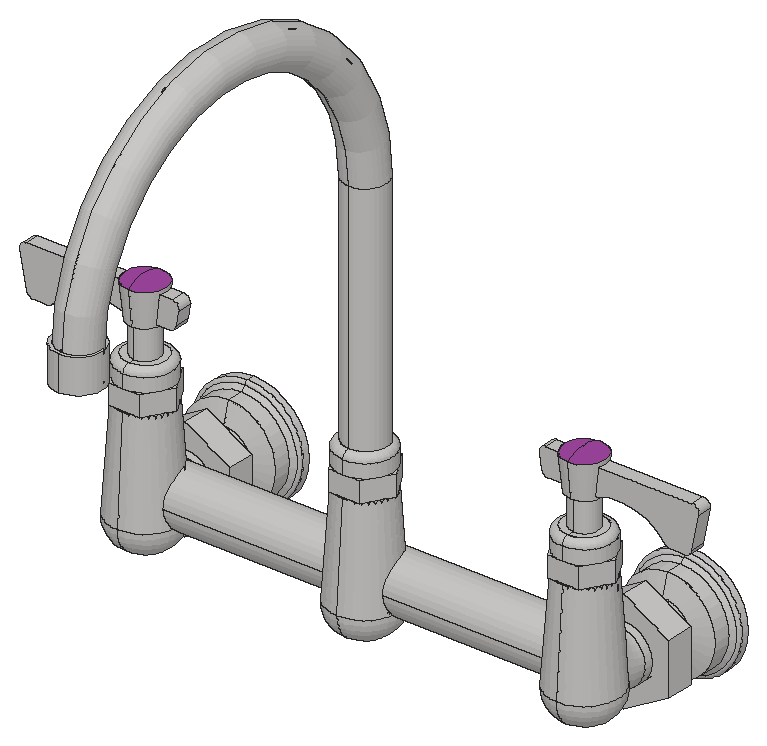
Revit family "Krowne_14-801L_WallMount_Faucet", category Plumbing Fixtures, Revit 2018
Family settings
  Round Connector Dimension = Use Diameter
  Part Type = Normal
  OmniClass Number = 23.40.40.00
  OmniClass Title = Food Service Equipment and Furnishings
  Work Plane-Based = No
  Always vertical = Yes
  Cut with Voids When Loaded = No
  Shared = No
  Room Calculation Point = No
Parameters (values of type "DefaultType")
  Width = 12"
  Weight in Pounds = 5
  Watermarked By = ""
  Waste Water Discharge Temperature [instance] = -459.67 °F
  URL Cutsheet = ""
  URL = "https://krowne.com/"
  Status [instance] = ""
  Specification by User [instance] = ""
  Specification by Manufacturer [instance] = ""
  Serial Number [instance] = ""
  Revision Code [instance] = ""
  Plumbing Remarks [instance] = ""
  Plumbing Connection Type = ""
  NAFEM Spec ID Number [instance] = ""
  Model = "14-801L"
  Masterspec [instance] = ""
  Manufacturer = "Krowne Metal"
  KCLRef = "KCL2C9,,0004c575-0000-0000-0000-000000000307,KR,14-801L ,637099665740000000,9c632dea-ebf6-4f36-8f45-8169fadad268,327c5b86-26ba-4293-ae74-cebaa89d5828"
  KCL SpecSheet URL = "http://kclweb.kclcad.com/imagehandler.ashx?kdoc=14-8xx&R=KR&M=14-801L%20&VC=7&TID=KCLWeb&T=doc"
  Item Number [instance] = "-"
  Installed By [instance] = ""
  Hot Water Temperature = 100 °F
  Hot Water Size = 1/2"
  Hot Water RI Height [instance] = 0"
  Hot Water Minimum Pressure = 0.00 psi
  Hot Water Maximum Pressure = 0.00 psi
  Hot Water Flow = 1.8 GPM
  Hot Water Consumption = 0 GPM
  Hot Water Connection Height = 0"
  Height = 3 15/16"
  Furnished By [instance] = ""
  Foodservice Equipment Identifier = yes
  Description = "Wall Mount Faucet"
  Depth = 1 7/8"
  Cold Water Temperature Recommended = -459.67 °F
  Cold Water Size = 1/2"
  Cold Water RI Height [instance] = 0"
  Cold Water Minimum Pressure = 0.00 psi
  Cold Water Maximum Pressure = 0.00 psi
  Cold Water Flow = 1.8 GPM
  Cold Water Consumption = ""
  Cold Water Connection Height = 0"
  CSI MasterFormat = ""
  Assembly Code = "E1090300"
Reference planes
  plane 1 "BACK": y = 0
  plane 2: z = 0
  plane 3 "LEFT": x = -471.569
  plane 4 "RIGHT": x = -166.769
  plane 5 "TOP": z = 100.013
  plane 6 "CENTER L/R": x = -319.169
  plane 7 "Top of Body": z = 44.45
  plane 8: y = -62.38
  plane 9: z = 303.213
  plane 10: z = 196.85
  plane 11: y = -228.6
Forms (mm)
  Sweep 1, solid, material "QF_Stainless-Polished"
    path origin (-319.169, 0, 0) x (0, 1, 0) y (0, 0, 1)
      loop
        line (-62.38, 44.45) -> (-62.38, 208.756)
        arc (-62.38, 208.756) -> (-145.49, 291.866) -> (-228.6, 208.756) r 83.11
        line (-228.6, 208.756) -> (-228.6, 196.85)
    profile origin (-319.169, -62.38, 126.603) x (0, -1, 0) y (1, 0, 0)
      loop
        circle (0, 0) r 9.525
      loop
        circle (0, 0) r 6.35
  Extrusion 2, solid, material "QF_Stainless-Polished"
    sketch origin (-319.169, -228.6, 196.85) x (0, -1, 0) y (-1, 0, 0)
      loop
        circle (0, 0) r 9.525
      loop
        circle (0, 0) r 11.113
    from 0 to -15.875
Lines and regions (mm)
  symbolic lines
    curve 1: arc (-319.169, -71.905, 0) -> (-328.694, -62.38, 0) -> (-319.169, -52.855, 0) r 9.525
    curve 2: arc (-319.169, -52.855, 0) -> (-309.644, -62.38, 0) -> (-319.169, -71.905, 0) r 9.525
    curve 3: arc (-328.694, -228.6, 0) -> (-325.905, -235.335, 0) -> (-319.169, -238.125, 0) r 9.525
    curve 4: arc (-319.169, -238.125, 0) -> (-312.434, -235.335, 0) -> (-309.644, -228.6, 0) r 9.525
    curve 5: line (-328.694, -228.6, 0) -> (-328.694, -62.38, 0)
    curve 6: line (-309.644, -62.38, 0) -> (-309.644, -228.6, 0)
Dimensions and locks
  "Width": plane 3 "LEFT" to plane 4 "RIGHT"
  "Height": plane 5 "TOP" to plane 2
  plane 7 "Top of Body" to level = 1 3/4"
  equal spacing: plane 3 "LEFT", plane 6 "CENTER L/R", plane 4 "RIGHT"
  plane 11 to plane 1 "BACK" = 9"
  plane 10 to plane 5 "TOP" = 3 13/16"
  plane 9 to plane 5 "TOP" = 8"
  aligned and locked: level to plane 2
  aligned and locked: plane 8 to Sweep 1 sketch curve
  aligned and locked: Sweep 1 sketch curve to plane 11
  aligned and locked: plane 10 to Sweep 1 sketch curve
Automatic sketch dimensions
  Sweep 1 sketch curve to plane 7 "Top of Body" = 0"
  plane 10 to Sweep 1 sketch curve = 15/32"
  Sweep 1 sketch curve to Sweep 1 sketch curve = 0"  (x2)
  Sweep 1 sketch curve to plane 6 "CENTER L/R" = 0"
  Sweep 1 sketch curve to profile plane = 0"
  curve 3 to curve 4 = 0"
  plane 11 to curve 5 = 0"
  plane 8 to curve 5 = 0"
  curve 1 to plane 6 "CENTER L/R" = 0"
  plane 8 to curve 6 = 0"
  plane 8 to curve 1 = 0"
  curve 5 to curve 3 = 3/8"
  radius of Sweep 1 sketch curve = 3/8"
  radius of Sweep 1 sketch curve = 1/4"
  radius of Extrusion 2 sketch curve to Sweep 1 = 0"
  radius of Sweep 1 to Extrusion 2 sketch curve = 1/16"
Nested families
  nested 1: "QF_Krowne_14-8_Body" at (-4.763, 0, 0), type "QF_Krowne_14-8_Body"
Connectors
  piping at (-420.769, 6.35, 37.306), diameter 12.7, driven by "Hot Water Flow", driven by "Hot Water Size"
    settings: on nested 1, index 1, connector inside diameter 24", connector length 0", flow factor 0, pipe flow 1.8 GPM, pressure drop 0.00 psi, fitting loss kfactor 0, connector angle 0.00°, fixture units 0, engagement length 0", angle of deflection 0.00°, flow configuration 1, flow direction 1, fitting loss method 0, system type 19, joint type 0, gender type 0, connector reference index -1, connector utility 0, adjustable connector no, is connector primary yes, connector description "HOT WATER"
  piping at (-217.569, 6.35, 37.306), diameter 12.7, driven by "Cold Water Flow", driven by "Cold Water Size"
    settings: on nested 1, index 2, connector inside diameter 24", connector length 0", flow factor 0, pipe flow 1.8 GPM, pressure drop 0.00 psi, fitting loss kfactor 0, connector angle 0.00°, fixture units 0, engagement length 0", angle of deflection 0.00°, flow configuration 1, flow direction 1, fitting loss method 0, system type 20, joint type 0, gender type 0, connector reference index -1, connector utility 0, adjustable connector no, is connector primary no, connector description "COLD WATER"
Definition of nested family "QF_Krowne_14-8_Body"
  Parameters (values of type "QF_Krowne_14-8_Body")
    Width = 12 3/8"
    Watermarked By = ""
    Height = 3 7/8"
    Description = ""
    Depth = 4 15/16"
  Reference planes
    plane 1 "BACK": y = 0
    plane 2: z = 0
    plane 3 "LEFT": x = -471.569
    plane 4 "RIGHT": x = -157.244
    plane 5 "TOP": z = 128.588
    plane 6 "Center": x = -314.407
    plane 7 "Left of Handle": x = -416.007
    plane 8 "Right of Handle": x = -212.807
    plane 9 "Center of Handles": y = -125.412
    plane 10 "Top of Body": z = 74.612
    plane 11: x = -444.582
    plane 12: x = -184.232
    plane 13 "Faucet Handle Center": y = -62.706
    plane 14: y = -59.531
    plane 15: y = -65.881
    plane 16: z = 37.306
  Forms (mm)
    Extrusion 1, solid
      sketch origin (0, 0, 80.962) x (0, 1, 0) y (-1, 0, 0)
        loop
          line (-62.38, 401.719) -> (-50.006, 408.863) -> (-50.006, 423.151) -> (-62.38, 430.294) -> (-74.753, 423.151) -> (-74.753, 408.863) -> (-62.38, 401.719)
        loop
          line (-62.38, 198.519) -> (-50.006, 205.663) -> (-50.006, 219.951) -> (-62.38, 227.094) -> (-74.753, 219.951) -> (-74.753, 205.663) -> (-62.38, 198.519)
        loop
          line (-62.38, 300.119) -> (-50.006, 307.263) -> (-50.006, 321.551) -> (-62.38, 328.694) -> (-74.753, 321.551) -> (-74.753, 307.263) -> (-62.38, 300.119)
      from 0 to 9.525
    Revolve 2, solid
      sketch origin (-416.007, 0, 0) x (0, 1, 0) y (0, 0, 1)
        loop
          line (-62.706, 90.488) -> (-50.006, 90.488) -> (-50.006, 96.838)
          arc (-50.006, 96.838) -> (-50.936, 99.083) -> (-53.181, 100.013) r 3.175
          line (-53.181, 100.013) -> (-62.706, 100.013) -> (-62.706, 90.488)
        axis (-62.706, 90.488) -> (-62.706, 100.013)
      angle from 0 to 360
    Revolve 3, solid
      sketch origin (-212.807, 0, 0) x (0, 1, 0) y (0, 0, 1)
        loop
          line (-62.706, 100.012) -> (-56.356, 100.012) -> (-56.356, 114.3) -> (-62.706, 114.3) -> (-62.706, 100.012)
        axis (-62.706, 100.012) -> (-62.706, 114.3)
      angle from 0 to 360
    Revolve 4, solid
      sketch origin (-416.007, 0, 0) x (0, 1, 0) y (0, 0, 1)
        loop
          line (-62.706, 100.013) -> (-56.356, 100.013) -> (-56.356, 114.3) -> (-62.706, 114.3) -> (-62.706, 100.013)
        axis (-62.706, 100.013) -> (-62.706, 114.3)
      angle from 0 to 360
    Revolve 5, solid
      sketch origin (-416.007, 0, 0) x (0, 1, 0) y (0, 0, 1)
        loop
          line (-62.706, 114.3) -> (-54.769, 114.3) -> (-53.181, 130.175) -> (-62.706, 130.175) -> (-62.706, 114.3)
        axis (-62.706, 114.3) -> (-62.706, 130.175)
      angle from 0 to 360
    Revolve 6, solid
      sketch origin (-212.807, 0, 0) x (0, 1, 0) y (0, 0, 1)
        loop
          line (-62.706, 114.3) -> (-54.769, 114.3) -> (-53.181, 130.175) -> (-62.706, 130.175) -> (-62.706, 114.3)
        axis (-62.706, 114.3) -> (-62.706, 130.175)
      angle from 0 to 360
    Revolve 7, solid
      sketch origin (-416.007, 0, 0) x (0, 1, 0) y (0, 0, 1)
        loop
          line (-62.706, 130.175) -> (-53.181, 130.175)
          arc (-53.181, 130.175) -> (-57.646, 132.655) -> (-62.706, 133.35) r 13.869
          line (-62.706, 133.35) -> (-62.706, 130.175)
        axis (-62.706, 130.175) -> (-62.706, 133.35)
      angle from 0 to 360
    Revolve 8, solid
      sketch origin (-212.807, 0, 0) x (0, 1, 0) y (0, 0, 1)
        loop
          line (-62.706, 130.175) -> (-53.181, 130.175)
          arc (-53.181, 130.175) -> (-57.646, 132.655) -> (-62.706, 133.35) r 13.869
          line (-62.706, 133.35) -> (-62.706, 130.175)
        axis (-62.706, 130.175) -> (-62.706, 133.35)
      angle from 0 to 360
    Extrusion 9, solid
      sketch origin (0, -62.706, 0) x (1, 0, 0) y (0, 0, 1)
        loop
          arc (-468.332, 128.588) -> (-470.787, 127.425) -> (-471.445, 124.79) r 3.175
          line (-471.445, 124.79) -> (-468.27, 108.916)
          arc (-468.27, 108.916) -> (-467.17, 107.083) -> (-465.157, 106.364) r 3.175
          line (-465.157, 106.364) -> (-458.81, 106.364)
          arc (-458.81, 106.364) -> (-457.469, 106.66) -> (-456.379, 107.496) r 3.175
          arc (-456.379, 107.496) -> (-441.832, 116.771) -> (-424.594, 116.065) r 28.792
          arc (-424.594, 116.065) -> (-424.065, 115.925) -> (-423.52, 115.878) r 3.175
          line (-423.52, 115.878) -> (-402.102, 115.878)
          arc (-402.102, 115.878) -> (-400.089, 116.597) -> (-398.988, 118.43) r 3.175
          line (-398.988, 118.43) -> (-397.716, 124.79)
          arc (-397.716, 124.79) -> (-398.374, 127.425) -> (-400.83, 128.588) r 3.175
          line (-400.83, 128.588) -> (-468.332, 128.588)
        loop
          line (-160.482, 128.588) -> (-227.984, 128.588)
          arc (-227.984, 128.588) -> (-230.439, 127.425) -> (-231.097, 124.79) r 3.175
          line (-231.097, 124.79) -> (-229.826, 118.43)
          arc (-229.826, 118.43) -> (-228.725, 116.597) -> (-226.712, 115.878) r 3.175
          line (-226.712, 115.878) -> (-205.294, 115.878)
          arc (-205.294, 115.878) -> (-204.749, 115.925) -> (-204.22, 116.065) r 3.175
          arc (-204.22, 116.065) -> (-186.982, 116.771) -> (-172.435, 107.496) r 28.792
          arc (-172.435, 107.496) -> (-171.345, 106.66) -> (-170.004, 106.364) r 3.175
          line (-170.004, 106.364) -> (-163.657, 106.364)
          arc (-163.657, 106.364) -> (-161.644, 107.083) -> (-160.544, 108.916) r 3.175
          line (-160.544, 108.916) -> (-157.369, 124.79)
          arc (-157.369, 124.79) -> (-158.027, 127.425) -> (-160.482, 128.588) r 3.175
      from -3.175 to 3.175
    Extrusion 10, solid
      sketch origin (0, 0, 0) x (1, 0, 0) y (0, 0, 1)
        loop
          circle (-416.007, 37.306) r 6.35
        loop
          circle (-212.807, 37.306) r 6.35
      from 0 to -6.35
    Revolve 11, solid
      sketch origin (-212.807, 0, 0) x (0, 1, 0) y (0, 0, 1)
        loop
          line (-62.706, 90.488) -> (-50.006, 90.488) -> (-50.006, 96.838)
          arc (-50.006, 96.838) -> (-50.936, 99.083) -> (-53.181, 100.013) r 3.175
          line (-53.181, 100.013) -> (-62.706, 100.013) -> (-62.706, 90.488)
        axis (-62.706, 90.488) -> (-62.706, 100.013)
      angle from 0 to 360
    Revolve 12, solid
      sketch origin (-416.007, 0, 0) x (0, 1, 0) y (0, 0, 1)
        loop
          line (0, 37.306) -> (0, 62.706) -> (-3.175, 62.706)
          arc (-3.175, 62.706) -> (-4.298, 62.241) -> (-4.762, 61.119) r 1.588
          line (-4.762, 61.119) -> (-6.75, 59.131) -> (-14.287, 59.131) -> (-17.462, 50.006) -> (-26.987, 50.006) -> (-26.988, 37.306) -> (0, 37.306)
        axis (0, 37.306) -> (-26.988, 37.306)
      angle from 0 to 360
    Revolve 13, solid
      sketch origin (-212.807, 0, 0) x (0, 1, 0) y (0, 0, 1)
        loop
          line (0, 37.306) -> (0, 62.706) -> (-3.175, 62.706)
          arc (-3.175, 62.706) -> (-4.298, 62.241) -> (-4.762, 61.119) r 1.588
          line (-4.762, 61.119) -> (-6.75, 59.131) -> (-14.287, 59.131) -> (-17.462, 50.006) -> (-26.987, 50.006) -> (-26.988, 37.306) -> (0, 37.306)
        axis (0, 37.306) -> (-26.988, 37.306)
      angle from 0 to 360
    Extrusion 14, solid
      sketch origin (-416.007, -26.988, 37.306) x (0, 0, 1) y (-1, 0, 0)
        loop
          line (11.915, -20.638) -> (23.83, 0) -> (11.915, 20.637) -> (-11.915, 20.637) -> (-23.83, 0) -> (-11.915, -20.637) -> (11.915, -20.638)
        loop
          line (11.915, -223.837) -> (23.83, -203.2) -> (11.915, -182.562) -> (-11.915, -182.562) -> (-23.83, -203.2) -> (-11.915, -223.837) -> (11.915, -223.837)
      from 0 to 12.7
    Sweep 15, solid
      path origin (-416.007, 0, 0) x (0, 1, 0) y (0, 0, 1)
        loop
          line (-26.988, 37.306) -> (-43.656, 37.306)
          arc (-43.656, 37.306) -> (-57.127, 42.886) -> (-62.706, 56.356) r 19.05
          line (-62.706, 56.356) -> (-62.706, 80.962)
      profile origin (-416.007, -35.322, 37.306) x (0, 0, -1) y (1, 0, 0)
        loop
          circle (0, 0) r 12.7
    Sweep 16, solid
      path origin (-212.807, 0, 0) x (0, 1, 0) y (0, 0, 1)
        loop
          line (-26.988, 37.306) -> (-43.656, 37.306)
          arc (-43.656, 37.306) -> (-57.127, 42.886) -> (-62.706, 56.356) r 19.05
          line (-62.706, 56.356) -> (-62.706, 80.962)
      profile origin (-212.807, -35.322, 37.306) x (0, 0, -1) y (1, 0, 0)
        loop
          circle (0, 0) r 12.7
    Extrusion 17, solid
      sketch origin (-416.007, 0, 0) x (0, 1, 0) y (0, 0, 1)
        loop
          circle (-57.127, 42.886) r 12.7
      from 0 to 203.2
    Sweep 18, solid
      path origin (-314.407, 0, 0) x (0, 1, 0) y (0, 0, 1)
        loop
          arc (-56.044, 41.884) -> (-60.961, 48.39) -> (-62.706, 56.356) r 19.05
          line (-62.706, 56.356) -> (-62.706, 80.962)
      profile origin (-314.407, -62.706, 68.659) x (0, -1, 0) y (1, 0, 0)
        loop
          circle (0, 0) r 12.7
    Revolve 19, solid
      sketch origin (-314.407, 0, 0) x (0, 1, 0) y (0, 0, 1)
        loop
          line (-62.706, 90.488) -> (-50.006, 90.488) -> (-50.006, 96.838)
          arc (-50.006, 96.838) -> (-50.936, 99.083) -> (-53.181, 100.013) r 3.175
          line (-53.181, 100.013) -> (-62.706, 100.013) -> (-62.706, 90.488)
        axis (-62.706, 90.488) -> (-62.706, 100.013)
      angle from 0 to 360
    Revolve 20, solid
      sketch origin (-416.007, 0, 0) x (0, 1, 0) y (0, 0, 1)
        loop
          line (-50.006, 80.962) -> (-62.706, 80.962) -> (-62.706, 20.044) -> (-59.365, 20.044)
          arc (-59.365, 20.044) -> (-50.077, 24.083) -> (-46.696, 33.63) r 12.7
          line (-46.696, 33.63) -> (-50.006, 80.962)
        axis (-62.706, 20.044) -> (-62.706, 80.962)
      angle from 0 to 360
    Revolve 21, solid
      sketch origin (-212.807, 0, 0) x (0, 1, 0) y (0, 0, 1)
        loop
          line (-50.006, 80.962) -> (-62.706, 80.962) -> (-62.706, 20.044) -> (-59.365, 20.044)
          arc (-59.365, 20.044) -> (-50.077, 24.083) -> (-46.696, 33.63) r 12.7
          line (-46.696, 33.63) -> (-50.006, 80.962)
        axis (-62.706, 20.044) -> (-62.706, 80.962)
      angle from 0 to 360
    Revolve 22, solid
      sketch origin (-314.407, 0, 0) x (0, 1, 0) y (0, 0, 1)
        loop
          line (-50.006, 80.962) -> (-62.706, 80.962) -> (-62.706, 20.044) -> (-59.365, 20.044)
          arc (-59.365, 20.044) -> (-50.077, 24.083) -> (-46.696, 33.63) r 12.7
          line (-46.696, 33.63) -> (-50.006, 80.962)
        axis (-62.706, 20.044) -> (-62.706, 80.962)
      angle from 0 to 360
  Lines and regions (mm)
    symbolic lines
      curve 1: line (-471.445, -59.531, 74.612) -> (-397.655, -59.531, 74.612)
      curve 2: line (-471.445, -65.881, 74.612) -> (-471.445, -59.531, 74.612)
      curve 3: line (-397.655, -65.881, 74.612) -> (-471.445, -65.881, 74.612)
      curve 4: line (-397.655, -59.531, 74.612) -> (-397.655, -65.881, 74.612)
      curve 5: line (-157.244, -59.531, 74.612) -> (-231.159, -59.531, 74.612)
      curve 6: line (-157.244, -65.881, 74.612) -> (-157.244, -59.531, 74.612)
      curve 7: line (-231.159, -65.881, 74.612) -> (-157.244, -65.881, 74.612)
      curve 8: line (-231.159, -59.531, 74.612) -> (-231.159, -65.881, 74.612)
      curve 9: line (-423.151, -50.333, 74.612) -> (-428.461, -59.531, 74.612)
      curve 10: line (-423.151, -50.333, 74.612) -> (-408.863, -50.333, 74.612)
      curve 11: line (-408.863, -50.333, 74.612) -> (-403.553, -59.531, 74.612)
      curve 12: line (-408.863, -75.08, 74.612) -> (-423.151, -75.08, 74.612)
      curve 13: line (-423.151, -75.08, 74.612) -> (-428.461, -65.881, 74.612)
      curve 14: line (-408.863, -75.08, 74.612) -> (-403.553, -65.881, 74.612)
      curve 15: line (-219.951, -50.333, 74.612) -> (-205.663, -50.333, 74.612)
      curve 16: line (-205.663, -50.333, 74.612) -> (-200.353, -59.531, 74.612)
      curve 17: line (-219.951, -50.333, 74.612) -> (-225.261, -59.531, 74.612)
      curve 18: line (-205.663, -75.08, 74.612) -> (-219.951, -75.08, 74.612)
      curve 19: line (-219.951, -75.08, 74.612) -> (-225.261, -65.881, 74.612)
      curve 20: line (-205.663, -75.08, 74.612) -> (-200.353, -65.881, 74.612)
      curve 21: line (-328.694, -62.38, 74.612) -> (-321.551, -74.753, 74.612)
      curve 22: line (-321.551, -74.753, 74.612) -> (-307.263, -74.753, 74.612)
      curve 23: line (-307.263, -74.753, 74.612) -> (-300.119, -62.38, 74.612)
      curve 24: line (-300.119, -62.38, 74.612) -> (-307.263, -50.006, 74.612)
      curve 25: line (-307.263, -50.006, 74.612) -> (-321.551, -50.006, 74.612)
      curve 26: line (-321.551, -50.006, 74.612) -> (-328.694, -62.38, 74.612)
      curve 27: line (-441.407, 0, 74.612) -> (-390.607, 0, 74.612)
      curve 28: line (-441.407, 0, 74.612) -> (-441.407, -3.175, 74.612)
      curve 29: line (-437.831, -6.75, 74.612) -> (-439.819, -4.763, 74.612)
      curve 30: arc (-439.819, -4.763, 74.612) -> (-440.942, -4.298, 74.612) -> (-441.407, -3.175, 74.612) r 1.588
      curve 31: line (-437.831, -6.75, 74.612) -> (-437.831, -14.288, 74.612)
      curve 32: line (-437.831, -14.288, 74.612) -> (-428.707, -17.463, 74.612)
      curve 33: line (-428.707, -17.463, 74.612) -> (-428.707, -26.987, 74.612)
      curve 34: line (-428.707, -26.987, 74.612) -> (-436.644, -26.987, 74.612)
      curve 35: line (-436.644, -26.987, 74.612) -> (-436.644, -39.688, 74.612)
      curve 36: line (-436.644, -39.688, 74.612) -> (-428.719, -39.687, 74.612)
      curve 37: line (-428.719, -39.687, 74.612) -> (-428.719, -59.531, 74.612)
      curve 38: line (-390.607, 0, 74.612) -> (-390.607, -3.175, 74.612)
      curve 39: line (-394.182, -6.75, 74.612) -> (-392.194, -4.763, 74.612)
      curve 40: arc (-392.194, -4.763, 74.612) -> (-391.072, -4.298, 74.612) -> (-390.607, -3.175, 74.612) r 1.588
      curve 41: line (-394.182, -6.75, 74.612) -> (-394.182, -14.288, 74.612)
      curve 42: line (-394.182, -14.288, 74.612) -> (-403.307, -17.463, 74.612)
      curve 43: line (-403.307, -17.463, 74.612) -> (-403.307, -26.987, 74.612)
      curve 44: line (-403.307, -26.987, 74.612) -> (-395.369, -26.987, 74.612)
      curve 45: line (-395.369, -26.987, 74.612) -> (-395.369, -39.688, 74.612)
      curve 46: line (-395.369, -39.688, 74.612) -> (-403.295, -39.687, 74.612)
      curve 47: line (-403.295, -39.687, 74.612) -> (-403.295, -59.531, 74.612)
      curve 48: line (-205.663, -50.333, 74.612) -> (-219.951, -50.333, 74.612)
      curve 49: line (-187.407, 0, 74.612) -> (-238.207, 0, 74.612)
      curve 50: line (-187.407, 0, 74.612) -> (-187.407, -3.175, 74.612)
      curve 51: line (-190.982, -6.75, 74.612) -> (-188.994, -4.763, 74.612)
      curve 52: arc (-188.994, -4.763, 74.612) -> (-187.872, -4.298, 74.612) -> (-187.407, -3.175, 74.612) r 1.588
      curve 53: line (-190.982, -6.75, 74.612) -> (-190.982, -14.288, 74.612)
      curve 54: line (-190.982, -14.288, 74.612) -> (-200.107, -17.463, 74.612)
      curve 55: line (-200.107, -17.463, 74.612) -> (-200.107, -26.987, 74.612)
      curve 56: line (-200.107, -26.987, 74.612) -> (-192.169, -26.987, 74.612)
      curve 57: line (-192.169, -26.987, 74.612) -> (-192.169, -39.688, 74.612)
      curve 58: line (-192.169, -39.688, 74.612) -> (-200.095, -39.687, 74.612)
      curve 59: line (-200.095, -39.687, 74.612) -> (-200.095, -59.531, 74.612)
      curve 60: line (-238.207, 0, 74.612) -> (-238.207, -3.175, 74.612)
      curve 61: line (-234.631, -6.75, 74.612) -> (-236.619, -4.763, 74.612)
      curve 62: arc (-236.619, -4.763, 74.612) -> (-237.742, -4.298, 74.612) -> (-238.207, -3.175, 74.612) r 1.588
      curve 63: line (-234.631, -6.75, 74.612) -> (-234.631, -14.288, 74.612)
      curve 64: line (-234.631, -14.288, 74.612) -> (-225.507, -17.463, 74.612)
      curve 65: line (-225.507, -17.463, 74.612) -> (-225.507, -26.987, 74.612)
      curve 66: line (-225.507, -26.987, 74.612) -> (-233.444, -26.987, 74.612)
      curve 67: line (-233.444, -26.987, 74.612) -> (-233.444, -39.688, 74.612)
      curve 68: line (-233.444, -39.688, 74.612) -> (-225.519, -39.687, 74.612)
      curve 69: line (-225.519, -39.687, 74.612) -> (-225.519, -59.531, 74.612)
      curve 70: line (-403.295, -44.504, 74.612) -> (-225.519, -44.504, 74.612)
      curve 71: line (-405.528, -69.303, 74.612) -> (-324.697, -69.303, 74.612)
      curve 72: line (-303.555, -69.303, 74.612) -> (-223.286, -69.303, 74.612)
  Dimensions and locks
    "Width": plane 3 "LEFT" to plane 4 "RIGHT"
    equal spacing: plane 3 "LEFT", plane 6 "Center", plane 4 "RIGHT"
    "Depth": plane 9 "Center of Handles" to plane 1 "BACK"
    plane 10 "Top of Body" to level = 2 15/16"
    equal spacing: plane 10 "Top of Body", plane 16, level
    locked: plane 3 "LEFT" to plane 11 at 26.988
    locked: plane 12 to plane 4 "RIGHT" at 26.988
    locked: plane 8 "Right of Handle" to plane 12 at 28.575
    locked: plane 11 to plane 7 "Left of Handle" at 28.575
    locked: plane 5 "TOP" to plane 10 "Top of Body" at 53.975
    equal spacing: plane 15, plane 13 "Faucet Handle Center", plane 14, locked at 3.175 each
    plane 15 to plane 14 = 1/4"
    equal spacing: plane 9 "Center of Handles", plane 13 "Faucet Handle Center", plane 1 "BACK"
    aligned and locked: level to plane 2
    aligned and locked: Revolve 5 sketch curve to Revolve 5 sketch curve
    aligned and locked: Revolve 6 sketch curve to Revolve 6 sketch curve
    aligned and locked: Extrusion 9 sketch curve to plane 5 "TOP"
    aligned and locked: plane 5 "TOP" to Extrusion 9 sketch curve
    aligned and locked: Extrusion 9 to plane 14
    aligned and locked: curve 1 to Extrusion 9
    aligned and locked: curve 2 to Extrusion 9
    aligned and locked: curve 3 to Extrusion 9
    aligned and locked: curve 5 to Extrusion 9
    aligned and locked: Extrusion 9 to curve 7
    aligned and locked: plane 4 "RIGHT" to curve 6
    aligned and locked: Revolve 11 sketch curve to plane 13 "Faucet Handle Center"
    aligned and locked: plane 8 "Right of Handle" to Extrusion 17
    aligned and locked: plane 13 "Faucet Handle Center" to Revolve 20 sketch curve
  Automatic sketch dimensions
    Revolve 2 sketch curve to plane 13 "Faucet Handle Center" = 0"  (x2)
    Revolve 2 sketch curve to Revolve 2 sketch curve = 3/8"
    Revolve 2 sketch curve to Revolve 2 sketch curve = 1/8"
    plane 10 "Top of Body" to Revolve 2 sketch curve = 5/8"
    Revolve 2 sketch curve to Revolve 2 sketch curve = 1/4"
    Revolve 2 sketch curve to Revolve 2 sketch curve = 0"  (x2)
    Revolve 3 sketch curve to plane 13 "Faucet Handle Center" = 0"  (x2)
    Revolve 3 sketch curve to plane 13 "Faucet Handle Center" = 1/4"
    plane 10 "Top of Body" to Revolve 3 sketch curve = 1"
    Revolve 3 sketch curve to Revolve 3 sketch curve = 9/16"
    Revolve 3 sketch curve to Revolve 3 sketch curve = 3/8"
    Revolve 3 sketch curve to Revolve 3 sketch curve = 0"
    Revolve 4 sketch curve to plane 13 "Faucet Handle Center" = 0"  (x2)
    Revolve 4 sketch curve to Revolve 4 sketch curve = 1/4"
    plane 10 "Top of Body" to Revolve 4 sketch curve = 1"
    Revolve 4 sketch curve to Revolve 4 sketch curve = 9/16"
    Revolve 4 sketch curve to Revolve 4 sketch curve = 3/8"
    Revolve 4 sketch curve to Revolve 4 sketch curve = 0"
    Revolve 5 sketch curve to plane 13 "Faucet Handle Center" = 0"
    Revolve 5 sketch curve to Revolve 5 sketch curve = 5/16"
    plane 5 "TOP" to Revolve 5 sketch curve = 1/16"
    Revolve 5 sketch curve to Revolve 5 sketch curve = 3/8"
    Revolve 5 sketch curve to plane 5 "TOP" = 9/16"
    Revolve 5 sketch curve to Revolve 5 sketch curve = 0"  (x2)
    Revolve 6 sketch curve to plane 13 "Faucet Handle Center" = 0"
    Revolve 6 sketch curve to plane 13 "Faucet Handle Center" = 5/16"
    plane 5 "TOP" to Revolve 6 sketch curve = 1/16"
    Revolve 6 sketch curve to plane 13 "Faucet Handle Center" = 3/8"
    Revolve 6 sketch curve to plane 5 "TOP" = 9/16"
    Revolve 6 sketch curve to Revolve 6 sketch curve = 0"  (x2)
    Revolve 7 sketch curve to plane 13 "Faucet Handle Center" = 0"  (x2)
    Revolve 7 sketch curve to plane 13 "Faucet Handle Center" = 0.02655"
    plane 5 "TOP" to Revolve 7 sketch curve = 1/16"
    Revolve 7 sketch curve to Revolve 7 sketch curve = 3/8"
    Revolve 7 sketch curve to plane 5 "TOP" = 0.35786"
    Revolve 7 sketch curve to Revolve 7 sketch curve = 0"  (x2)
    Revolve 8 sketch curve to plane 13 "Faucet Handle Center" = 0"  (x2)
    Revolve 8 sketch curve to plane 13 "Faucet Handle Center" = 0.02655"
    plane 5 "TOP" to Revolve 8 sketch curve = 1/16"
    Revolve 8 sketch curve to Revolve 8 sketch curve = 3/8"
    Revolve 8 sketch curve to plane 5 "TOP" = 0.35786"
    Revolve 8 sketch curve to Revolve 8 sketch curve = 0"  (x2)
    Revolve 12 sketch curve to plane 9 "Center of Handles" = 0"
    Revolve 12 sketch curve to plane 16 = 0"  (x2)
    Revolve 12 sketch curve to plane 1 "BACK" = 0"  (x2)
    plane 16 to Revolve 12 sketch curve = 1/2"
    plane 1 "BACK" to Revolve 12 sketch curve = 1 1/16"
    Revolve 12 sketch curve to Revolve 12 sketch curve = 3/8"
    Revolve 12 sketch curve to Revolve 12 sketch curve = 1/8"
    plane 1 "BACK" to Revolve 12 sketch curve = 0.26577"
    Revolve 12 sketch curve to Revolve 12 sketch curve = 0.07827"  (x2)
    Revolve 12 sketch curve to Revolve 12 sketch curve = 1/16"
    Revolve 12 sketch curve to Revolve 12 sketch curve = 0.35923"
    Revolve 13 sketch curve to plane 9 "Center of Handles" = 0"
    Revolve 13 sketch curve to plane 16 = 0"  (x2)
    Revolve 13 sketch curve to plane 1 "BACK" = 0"  (x2)
    Revolve 13 sketch curve to Revolve 13 sketch curve = 1 1/16"
    Revolve 13 sketch curve to Revolve 13 sketch curve = 3/8"
    Revolve 13 sketch curve to Revolve 13 sketch curve = 1/8"
    plane 1 "BACK" to Revolve 13 sketch curve = 0.26577"
    Revolve 13 sketch curve to Revolve 13 sketch curve = 0.07827"  (x2)
    Revolve 13 sketch curve to Revolve 13 sketch curve = 1/16"
    plane 16 to Revolve 13 sketch curve = 1/2"
    Revolve 13 sketch curve to Revolve 13 sketch curve = 0.35923"
    Revolve 12 to Extrusion 14 sketch curve = 0"
    Extrusion 14 sketch curve to Revolve 12 = 0"
    Revolve 12 to Extrusion 14 sketch curve = 8"  (x2)
    Extrusion 14 sketch curve to Extrusion 14 sketch curve = 0"
    Extrusion 14 sketch curve to Extrusion 14 sketch curve = 0.4691"  (x6)
    Extrusion 14 sketch curve to Extrusion 14 sketch curve = 0.93819"  (x4)
    Revolve 12 to Extrusion 14 sketch curve = 7 3/16"
    Revolve 12 to Extrusion 14 sketch curve = 8 13/16"
    Revolve 12 to Extrusion 14 sketch curve = 13/16"
    Extrusion 14 sketch curve to Revolve 12 = 13/16"
    plane 15 to Extrusion 1 sketch curve = 0.34928"  (x3)
    Extrusion 1 sketch curve to plane 13 "Faucet Handle Center" = 0.01286"  (x6)
    Extrusion 1 sketch curve to plane 14 = 3/8"  (x3)
    plane 8 "Right of Handle" to Extrusion 1 sketch curve = 9/16"
    plane 8 "Right of Handle" to Extrusion 1 sketch curve = 9/32"  (x2)
    Extrusion 1 sketch curve to plane 8 "Right of Handle" = 9/32"  (x2)
    Extrusion 1 sketch curve to plane 8 "Right of Handle" = 9/16"
    plane 6 "Center" to Extrusion 1 sketch curve = 9/16"
    plane 6 "Center" to Extrusion 1 sketch curve = 9/32"  (x2)
    Extrusion 1 sketch curve to plane 6 "Center" = 9/32"  (x2)
    Extrusion 1 sketch curve to Extrusion 1 sketch curve = 9/32"  (x2)
    plane 7 "Left of Handle" to Extrusion 1 sketch curve = 9/16"
    plane 7 "Left of Handle" to Extrusion 1 sketch curve = 9/32"  (x2)
    Extrusion 1 sketch curve to plane 7 "Left of Handle" = 9/32"  (x2)
    plane 3 "LEFT" to Extrusion 9 sketch curve = 0.0049"
    Extrusion 9 sketch curve to Extrusion 9 sketch curve = 0.12257"  (x5)
    plane 3 "LEFT" to Extrusion 9 sketch curve = 0.12989"
    Extrusion 9 sketch curve to Extrusion 9 sketch curve = 0.24989"  (x2)
    plane 11 to Extrusion 9 sketch curve = 0.40333"
    Extrusion 9 sketch curve to plane 7 "Left of Handle" = 0.29578"
    plane 7 "Left of Handle" to Extrusion 9 sketch curve = 0.54745"
    Extrusion 9 sketch curve to plane 5 "TOP" = 1/8"  (x2)
    Extrusion 9 sketch curve to Extrusion 9 sketch curve = 0.05007"  (x2)
    Extrusion 9 sketch curve to plane 5 "TOP" = 0.39989"
    Extrusion 9 sketch curve to plane 5 "TOP" = 0.14951"  (x4)
    Extrusion 9 sketch curve to plane 8 "Right of Handle" = 0.7201"
    plane 8 "Right of Handle" to Extrusion 9 sketch curve = 0.29578"
    Extrusion 9 sketch curve to plane 12 = 0.40333"
    Extrusion 9 sketch curve to plane 4 "RIGHT" = 0.50235"
    Extrusion 9 sketch curve to plane 4 "RIGHT" = 0.12748"
    Extrusion 9 sketch curve to plane 4 "RIGHT" = 0.0049"
    Extrusion 9 sketch curve to Extrusion 9 sketch curve = 0.25038"
    Extrusion 9 sketch curve to plane 5 "TOP" = 0.50038"
    Extrusion 9 sketch curve to Extrusion 9 sketch curve = 0.10049"
    Extrusion 9 sketch curve to plane 5 "TOP" = 0.74996"  (x2)
    Extrusion 9 sketch curve to Extrusion 9 sketch curve = 0"  (x4)
    Extrusion 9 sketch curve to Extrusion 9 sketch curve = 0.02451"  (x2)
    plane 10 "Top of Body" to Extrusion 9 sketch curve = 0.56533"  (x2)
    Extrusion 9 sketch curve to Extrusion 9 sketch curve = 1/8"  (x2)
    Extrusion 10 sketch curve to plane 7 "Left of Handle" = 0"
    Extrusion 10 sketch curve to plane 8 "Right of Handle" = 0"
    Extrusion 10 sketch curve to plane 16 = 0"  (x2)
    Revolve 11 sketch curve to plane 13 "Faucet Handle Center" = 0"
    Revolve 11 sketch curve to plane 14 = 1/4"
    Revolve 11 sketch curve to Revolve 11 sketch curve = 1/8"
    plane 10 "Top of Body" to Revolve 11 sketch curve = 5/8"
    Revolve 11 sketch curve to Revolve 11 sketch curve = 1/4"
    Revolve 11 sketch curve to Revolve 11 sketch curve = 0"  (x2)
    Sweep 15 sketch curve to plane 13 "Faucet Handle Center" = 0"
    Sweep 15 sketch curve to plane 16 = 0"
    Sweep 15 sketch curve to plane 14 = 5/8"
    Sweep 15 sketch curve to Sweep 15 sketch curve = 21/32"
    plane 10 "Top of Body" to Sweep 15 sketch curve = 1/4"
    Sweep 15 sketch curve to plane 7 "Left of Handle" = 0"
    Sweep 15 sketch curve to profile plane = 0"
    Sweep 16 sketch curve to plane 13 "Faucet Handle Center" = 0"
    Sweep 16 sketch curve to plane 16 = 0"
    Sweep 16 sketch curve to plane 14 = 5/8"
    Sweep 16 sketch curve to Sweep 16 sketch curve = 21/32"
    plane 10 "Top of Body" to Sweep 16 sketch curve = 1/4"
    Sweep 16 sketch curve to plane 8 "Right of Handle" = 0"
    Sweep 16 sketch curve to profile plane = 0"
    Extrusion 17 sketch curve to plane 14 = 0.09467"
    plane 16 to Extrusion 17 sketch curve = 0.21967"
    Sweep 18 sketch curve to plane 13 "Faucet Handle Center" = 0"
    Sweep 18 sketch curve to plane 14 = 5/8"
    Sweep 18 sketch curve to plane 10 "Top of Body" = 23/32"
    Sweep 18 sketch curve to plane 14 = 0.1373"
    plane 10 "Top of Body" to Sweep 18 sketch curve = 1/4"
    Sweep 18 sketch curve to plane 6 "Center" = 0"
    Sweep 18 sketch curve to profile plane = 0"
    Revolve 19 sketch curve to plane 13 "Faucet Handle Center" = 0"  (x2)
    Revolve 19 sketch curve to plane 14 = 1/4"
    Revolve 19 sketch curve to Revolve 19 sketch curve = 1/8"
    plane 10 "Top of Body" to Revolve 19 sketch curve = 5/8"
    Revolve 19 sketch curve to Revolve 19 sketch curve = 1/4"
    Revolve 19 sketch curve to Revolve 19 sketch curve = 0"  (x2)
    plane 1 "BACK" to curve 27 = 0"
    plane 1 "BACK" to curve 49 = 0"
    plane 15 to curve 21 = 0.34928"
    plane 15 to curve 12 = 0.36214"
    curve 23 to plane 13 "Faucet Handle Center" = 0.01286"
    curve 21 to plane 13 "Faucet Handle Center" = 0.01286"
    curve 9 to plane 14 = 0.36214"
    curve 17 to plane 14 = 0.36214"
    curve 25 to plane 14 = 3/8"
    curve 15 to curve 67 = 0.41911"
    curve 10 to curve 47 = 0.41911"
    curve 57 to plane 12 = 5/16"
    curve 15 to curve 57 = 0.41911"
    plane 11 to curve 35 = 5/16"
    curve 9 to curve 35 = 0.41911"
    curve 68 to curve 66 = 1/2"
    curve 57 to curve 57 = 1/2"
    curve 46 to curve 43 = 1/2"
    curve 36 to curve 33 = 1/2"
    curve 65 to curve 65 = 3/8"
    curve 55 to curve 54 = 3/8"
    curve 33 to curve 33 = 3/8"
    curve 43 to curve 42 = 3/8"
    curve 64 to curve 63 = 1/8"
    plane 11 to curve 32 = 0.26577"
    curve 32 to curve 32 = 1/8"
    curve 42 to curve 42 = 1/8"
    curve 54 to curve 53 = 1/8"
    plane 1 "BACK" to curve 63 = 0.26577"
    plane 1 "BACK" to curve 41 = 0.26577"
    plane 1 "BACK" to curve 51 = 0.26577"
    plane 1 "BACK" to curve 31 = 0.26577"
    curve 51 to curve 51 = 0.07827"
    curve 29 to curve 29 = 0.07827"
    curve 61 to curve 61 = 0.07827"  (x2)
    curve 39 to curve 39 = 0.07827"
    curve 62 to curve 62 = 1/16"
    curve 39 to curve 38 = 1/16"
    curve 52 to curve 52 = 1/16"
    curve 29 to curve 30 = 1/16"
    curve 50 to plane 12 = 1/8"
    curve 53 to plane 12 = 0.26577"
    curve 57 to curve 58 = 0.31203"
    curve 53 to curve 55 = 0.35923"
    plane 8 "Right of Handle" to curve 15 = 9/32"
    plane 8 "Right of Handle" to curve 18 = 9/32"
    curve 15 to plane 8 "Right of Handle" = 9/32"
    curve 18 to plane 8 "Right of Handle" = 9/32"
    curve 66 to plane 8 "Right of Handle" = 1/2"
    curve 15 to curve 68 = 0.21922"
    curve 69 to curve 8 = 0.22206"
    curve 65 to curve 66 = 5/16"
    curve 64 to curve 63 = 0.35923"
    plane 6 "Center" to curve 24 = 9/16"
    plane 6 "Center" to curve 23 = 9/32"
    plane 6 "Center" to curve 24 = 9/32"
    curve 26 to plane 6 "Center" = 9/32"
    curve 21 to plane 6 "Center" = 9/32"
    curve 21 to curve 21 = 9/32"
    plane 7 "Left of Handle" to curve 27 = 1"
    curve 40 to curve 39 = 0.07827"
    plane 7 "Left of Handle" to curve 45 = 13/16"
    plane 7 "Left of Handle" to curve 4 = 0.72253"
    curve 45 to curve 47 = 0.31203"
    curve 41 to curve 43 = 0.35923"
    plane 7 "Left of Handle" to curve 10 = 9/32"
    plane 7 "Left of Handle" to curve 12 = 9/32"
    curve 12 to plane 7 "Left of Handle" = 9/32"
    curve 10 to plane 7 "Left of Handle" = 9/32"
    curve 33 to curve 31 = 0.35923"
    curve 36 to curve 35 = 0.31203"
    curve 29 to curve 30 = 0.07827"
    plane 15 to curve 72 = 0.13473"
    plane 15 to curve 71 = 0.13473"
    curve 70 to curve 46 = 0.18961"
    curve 59 to curve 20 = 0.01014"
    curve 59 to curve 16 = 0.01014"
    curve 18 to curve 72 = 0.1313"
    curve 17 to curve 69 = 0.01014"
    curve 72 to curve 19 = 0.07779"
    curve 72 to curve 22 = 0.146"
    curve 3 to curve 14 = 0.2322"
    curve 47 to curve 11 = 0.01014"
    curve 13 to curve 37 = 0.01014"
    curve 9 to curve 37 = 0.01014"
    Revolve 20 sketch curve to plane 13 "Faucet Handle Center" = 0"
    Revolve 20 sketch curve to plane 14 = 0.00653"
    Revolve 20 sketch curve to plane 14 = 3/8"
    Revolve 20 sketch curve to plane 16 = 0.14474"
    Revolve 20 sketch curve to Revolve 20 sketch curve = 0.49878"
    Revolve 20 sketch curve to plane 16 = 0.17962"
    plane 10 "Top of Body" to Revolve 20 sketch curve = 1/4"
    level to Revolve 20 sketch curve = 0.38545"
    Revolve 20 sketch curve to Revolve 20 sketch curve = 0.07103"
    Revolve 21 sketch curve to plane 13 "Faucet Handle Center" = 0"  (x2)
    Revolve 21 sketch curve to plane 14 = 0.00653"
    Revolve 21 sketch curve to plane 14 = 3/8"
    Revolve 21 sketch curve to plane 16 = 0.14474"
    Revolve 21 sketch curve to Revolve 21 sketch curve = 0.49878"
    Revolve 21 sketch curve to plane 16 = 0.17962"
    plane 10 "Top of Body" to Revolve 21 sketch curve = 1/4"
    level to Revolve 21 sketch curve = 0.38545"
    Revolve 21 sketch curve to Revolve 21 sketch curve = 0.07103"
    Revolve 22 sketch curve to plane 13 "Faucet Handle Center" = 0"  (x2)
    Revolve 22 sketch curve to plane 14 = 0.00653"
    Revolve 22 sketch curve to plane 14 = 3/8"
    Revolve 22 sketch curve to plane 16 = 0.14474"
    Revolve 22 sketch curve to Revolve 22 sketch curve = 0.49878"
    Revolve 22 sketch curve to plane 16 = 0.17962"
    plane 10 "Top of Body" to Revolve 22 sketch curve = 1/4"
    level to Revolve 22 sketch curve = 0.38545"
    Revolve 22 sketch curve to Revolve 22 sketch curve = 0.07103"
    radius of Extrusion 10 sketch curve = 1/4"  (x2)
    radius of Sweep 15 sketch curve = 1/2"
    radius of Sweep 16 sketch curve = 1/2"
    radius of Extrusion 17 sketch curve = 1/2"
    radius of Sweep 18 sketch curve = 1/2"
